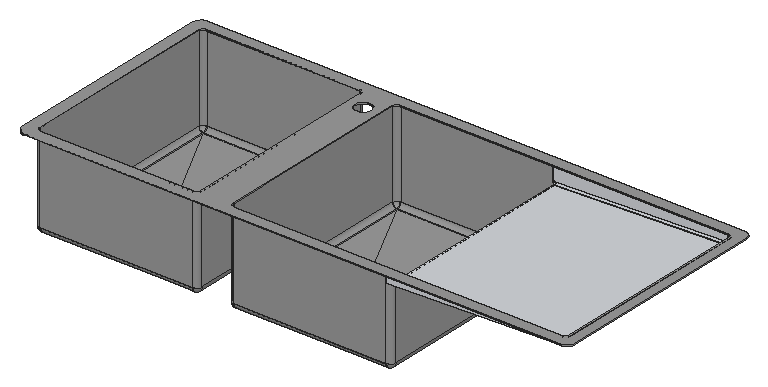
Revit family "SN22R Theo", category Plumbing Fixtures, Revit 2022
Family settings
  Round Connector Dimension = Use Diameter
  Part Type = Normal
  Work Plane-Based = Yes
  Always vertical = No
  Cut with Voids When Loaded = No
  Maintain Annotation Orientation = No
  Shared = No
  Room Calculation Point = No
Parameters (values of type "Theo 1200x500x205mm RHS")
  Width 2 = 350.0 mm
  Width 1 = 350.0 mm
  Undermount [instance] = 20.0 mm
  URL = "https://www.buildmat.com.au/products/1200x500-sink"
  Sound Pad 2 = yes
  Sound Pad 1 = yes
  Model = "SNA0022R"  # constant formula
  Manufacturer URL = "https://www.buildmat.com.au/"
  Manufacturer = "BUILDMAT"  # constant formula
  Length = 450.0 mm
  Gap = 70.0 mm
  Drainboard Length = 380.0 mm
  Drain Sound Pad 2 = yes
  Drain Sound Pad 1 = yes
  Description = "BUILDMAT - Theo 1200x500 Double Bowl with Tap Landing & RHS Drain Board Sink"  # constant formula
  Depth = 205.0 mm
  Default Elevation = 1200.0 mm
  D. S. Pad 2 = 175.0 mm
  D. S. Pad 1 = 200.0 mm
  D. Bracket 4 = 50.0 mm
  D. Bracket 3 = 50.0 mm
  D. Bracket 2 = 50.0 mm
  D. Bracket 1 = 100.0 mm
  Created By URL = "https://www.buildmat.com.au/"
  Created By = "BUILDMAT"  # constant formula
  Created = "29.06.2022"  # constant formula
  Bracket 4 = yes
  Bracket 3 = yes
  Bracket 2 = yes
  Bracket 1 = yes
  Material = BUILDMAT Stainless Steel
Reference planes
  plane 1 "Center (Front/Back)": y = 0
  plane 2: z = 0
  plane 3 "Center (Left/Right)": x = 0
  plane 4: x = -35
  plane 5: x = 35
  plane 6: x = -385
  plane 7: x = 385
  plane 8: y = -225
  plane 9: y = 225
  plane 10: x = -410
  plane 11: y = -250
  plane 12: y = 250
  plane 13: x = 210
  plane 14: x = -210
  plane 15: y = 215
  plane 16: y = -215
  plane 17: x = -375
  plane 18: x = -45
  plane 19: x = 45
  plane 20: x = 375
  plane 21: y = 226.5
  plane 22: y = -226.5
  plane 23: x = -386.5
  plane 24: x = -33.5
  plane 25: x = 33.5
  plane 26: x = 386.5
  plane 27: x = -267
  plane 28: x = -153
  plane 29: x = -165
  plane 30: x = -255
  plane 31: x = 153
  plane 32: x = 165
  plane 33: x = 255
  plane 34: x = 267
  plane 35 "Sound Pad 1": x = -185
  plane 36 "Sound Pad 2": x = 210
  plane 37 "Top Substrate": z = -20
  plane 38: z = -18.5
  plane 39 "Bottom Void": z = -225
  plane 40: z = -215
  plane 41: z = -205
  plane 42: z = -220
  plane 43: z = -221.481
  plane 44: z = -216.5
  plane 45 "Sound Pad": z = -125
  plane 46 "Bracket 1": x = -285
  plane 47 "Bracket 2": x = -85
  plane 48 "Bracket 3": x = 85
  plane 49 "Bracket 4": x = 335
  plane 50: y = 125
  plane 51: y = -125
  plane 52: x = -310
  plane 53: x = -110
  plane 54: x = 110
  plane 55: x = 310
  plane 56: z = -185
  plane 57: z = -165
  plane 58 "Drainboard": x = 765
  plane 59: x = 790
  plane 60: x = 766.5
  plane 61: x = 755
  plane 62: z = -35
  plane 63: z = -50
  plane 64: x = 665
Forms (mm)
  Extrusion 1, solid, material "BUILDMAT Stainless Steel" <- "Material"
    sketch origin (0, 0, -20) x (-1, 0, 0) y (0, -1, 0)
      loop
        arc (390, -250) -> (404.142, -244.142) -> (410, -230) r 20
        line (410, -230) -> (410, 230)
        arc (410, 230) -> (404.142, 244.142) -> (390, 250) r 20
        line (390, 250) -> (-770, 250)
        arc (-770, 250) -> (-784.142, 244.142) -> (-790, 230) r 20
        line (-790, 230) -> (-790, -230)
        arc (-790, -230) -> (-784.142, -244.142) -> (-770, -250) r 20
        line (-770, -250) -> (390, -250)
      loop
        arc (375, -225) -> (382.071, -222.071) -> (385, -215) r 10
        line (385, -215) -> (385, 215)
        arc (385, 215) -> (382.071, 222.071) -> (375, 225) r 10
        line (375, 225) -> (45, 225)
        arc (45, 225) -> (37.929, 222.071) -> (35, 215) r 10
        line (35, 215) -> (35, -215)
        arc (35, -215) -> (37.929, -222.071) -> (45, -225) r 10
        line (45, -225) -> (375, -225)
      loop
        line (-35, -215) -> (-35, 215)
        arc (-35, 215) -> (-37.929, 222.071) -> (-45, 225) r 10
        line (-45, 225) -> (-755, 225)
        arc (-755, 225) -> (-762.071, 222.071) -> (-765, 215) r 10
        line (-765, 215) -> (-765, -215)
        arc (-765, -215) -> (-762.071, -222.071) -> (-755, -225) r 10
        line (-755, -225) -> (-45, -225)
        arc (-45, -225) -> (-37.929, -222.071) -> (-35, -215) r 10
      loop
        circle (0, -180) r 17.5
    from 0 to 1.5
  Extrusion 2, solid, material "BUILDMAT Stainless Steel" <- "Material"
    sketch origin (0, 0, -20) x (-1, 0, 0) y (0, -1, 0)
      loop
        arc (375, -225) -> (382.071, -222.071) -> (385, -215) r 10
        line (385, -215) -> (385, 215)
        arc (385, 215) -> (382.071, 222.071) -> (375, 225) r 10
        line (375, 225) -> (45, 225)
        arc (45, 225) -> (37.929, 222.071) -> (35, 215) r 10
        line (35, 215) -> (35, -215)
        arc (35, -215) -> (37.929, -222.071) -> (45, -225) r 10
        line (45, -225) -> (375, -225)
      loop
        arc (375, -226.5) -> (383.132, -223.132) -> (386.5, -215) r 11.5
        line (386.5, -215) -> (386.5, 215)
        arc (386.5, 215) -> (383.132, 223.132) -> (375, 226.5) r 11.5
        line (375, 226.5) -> (45, 226.5)
        arc (45, 226.5) -> (36.868, 223.132) -> (33.5, 215) r 11.5
        line (33.5, 215) -> (33.5, -215)
        arc (33.5, -215) -> (36.868, -223.132) -> (45, -226.5) r 11.5
        line (45, -226.5) -> (375, -226.5)
    from 0 to -185
  Extrusion 3, solid, material "BUILDMAT Stainless Steel" <- "Material"
    sketch origin (0, 0, -20) x (-1, 0, 0) y (0, -1, 0)
      loop
        arc (-45, -225) -> (-37.929, -222.071) -> (-35, -215) r 10
        line (-35, -215) -> (-35, 215)
        arc (-35, 215) -> (-37.929, 222.071) -> (-45, 225) r 10
        line (-45, 225) -> (-375, 225)
        arc (-375, 225) -> (-382.071, 222.071) -> (-385, 215) r 10
        line (-385, 215) -> (-385, -215)
        arc (-385, -215) -> (-382.071, -222.071) -> (-375, -225) r 10
        line (-375, -225) -> (-45, -225)
      loop
        line (-33.5, -215) -> (-33.5, 215)
        arc (-33.5, 215) -> (-36.868, 223.132) -> (-45, 226.5) r 11.5
        line (-45, 226.5) -> (-375, 226.5)
        arc (-375, 226.5) -> (-383.132, 223.132) -> (-386.5, 215) r 11.5
        line (-386.5, 215) -> (-386.5, -215)
        arc (-386.5, -215) -> (-383.132, -223.132) -> (-375, -226.5) r 11.5
        line (-375, -226.5) -> (-45, -226.5)
        arc (-45, -226.5) -> (-36.868, -223.132) -> (-33.5, -215) r 11.5
    from 0 to -185
  Extrusion 4, solid, material "BUILDMAT Stainless Steel" <- "Material"
    sketch origin (0, 0, 0) x (1, 0, 0) y (0, 0, 1)
      loop
        line (-385, -205) -> (-386.5, -205)
        arc (-386.5, -205) -> (-383.132, -213.132) -> (-375, -216.5) r 11.5
        line (-375, -216.5) -> (-375, -215)
        arc (-375, -215) -> (-382.071, -212.071) -> (-385, -205) r 10
    from -215 to 215
  Extrusion 5, solid, material "BUILDMAT Stainless Steel" <- "Material"
    sketch origin (0, 0, 0) x (1, 0, 0) y (0, 0, 1)
      loop
        arc (-35, -205) -> (-37.929, -212.071) -> (-45, -215) r 10
        line (-45, -215) -> (-45, -216.5)
        arc (-45, -216.5) -> (-36.868, -213.132) -> (-33.5, -205) r 11.5
        line (-33.5, -205) -> (-35, -205)
    from -215 to 215
  Extrusion 6, solid, material "BUILDMAT Stainless Steel" <- "Material"
    sketch origin (0, 0, 0) x (1, 0, 0) y (0, 0, 1)
      loop
        line (35, -205) -> (33.5, -205)
        arc (33.5, -205) -> (36.868, -213.132) -> (45, -216.5) r 11.5
        line (45, -216.5) -> (45, -215)
        arc (45, -215) -> (37.929, -212.071) -> (35, -205) r 10
    from -215 to 215
  Extrusion 7, solid, material "BUILDMAT Stainless Steel" <- "Material"
    sketch origin (0, 0, 0) x (1, 0, 0) y (0, 0, 1)
      loop
        arc (385, -205) -> (382.071, -212.071) -> (375, -215) r 10
        line (375, -215) -> (375, -216.5)
        arc (375, -216.5) -> (383.132, -213.132) -> (386.5, -205) r 11.5
        line (386.5, -205) -> (385, -205)
    from -215 to 215
  Extrusion 8, solid, material "BUILDMAT Stainless Steel" <- "Material"
    sketch origin (0, 0, 0) x (0, 1, 0) y (0, 0, 1)
      loop
        line (226.5, -205) -> (225, -205)
        arc (225, -205) -> (222.071, -212.071) -> (215, -215) r 10
        line (215, -215) -> (215, -216.5)
        arc (215, -216.5) -> (223.132, -213.132) -> (226.5, -205) r 11.5
    from 45 to 375
  Extrusion 9, solid, material "BUILDMAT Stainless Steel" <- "Material"
    sketch origin (0, 0, 0) x (0, 1, 0) y (0, 0, 1)
      loop
        line (-225, -205) -> (-226.5, -205)
        arc (-226.5, -205) -> (-223.132, -213.132) -> (-215, -216.5) r 11.5
        line (-215, -216.5) -> (-215, -215)
        arc (-215, -215) -> (-222.071, -212.071) -> (-225, -205) r 10
    from 45 to 375
  Extrusion 10, solid, material "BUILDMAT Stainless Steel" <- "Material"
    sketch origin (0, 0, 0) x (0, 1, 0) y (0, 0, 1)
      loop
        arc (225, -205) -> (222.071, -212.071) -> (215, -215) r 10
        line (215, -215) -> (215, -216.5)
        arc (215, -216.5) -> (223.132, -213.132) -> (226.5, -205) r 11.5
        line (226.5, -205) -> (225, -205)
    from -375 to -45
  Extrusion 11, solid, material "BUILDMAT Stainless Steel" <- "Material"
    sketch origin (0, 0, 0) x (0, 1, 0) y (0, 0, 1)
      loop
        line (-225, -205) -> (-226.5, -205)
        arc (-226.5, -205) -> (-223.132, -213.132) -> (-215, -216.5) r 11.5
        line (-215, -216.5) -> (-215, -215)
        arc (-215, -215) -> (-222.071, -212.071) -> (-225, -205) r 10
    from -375 to -45
  Revolve 12, solid, material "BUILDMAT Stainless Steel" <- "Material"
    sketch origin (-423.435, 215, 4000) x (-1, 0, 0) y (0, 0, 1)
      loop
        arc (-38.435, -4205) -> (-41.364, -4212.071) -> (-48.435, -4215) r 10
        line (-48.435, -4215) -> (-48.435, -4216.5)
        arc (-48.435, -4216.5) -> (-40.304, -4213.132) -> (-36.935, -4205) r 11.5
        line (-36.935, -4205) -> (-38.435, -4205)
      axis (-48.435, -4205) -> (-48.435, -4216.5)
    angle from -90 to 0
  Revolve 13, solid, material "BUILDMAT Stainless Steel" <- "Material"
    sketch origin (-423.435, 215, 4000) x (-1, 0, 0) y (0, 0, 1)
      loop
        line (-388.435, -4205) -> (-389.935, -4205)
        arc (-389.935, -4205) -> (-386.567, -4213.132) -> (-378.435, -4216.5) r 11.5
        line (-378.435, -4216.5) -> (-378.435, -4215)
        arc (-378.435, -4215) -> (-385.506, -4212.071) -> (-388.435, -4205) r 10
      axis (-378.435, -4205) -> (-378.435, -4216.5)
    angle from -90 to 0
  Revolve 14, solid, material "BUILDMAT Stainless Steel" <- "Material"
    sketch origin (-423.435, 215, 4000) x (-1, 0, 0) y (0, 0, 1)
      loop
        arc (-458.435, -4205) -> (-461.364, -4212.071) -> (-468.435, -4215) r 10
        line (-468.435, -4215) -> (-468.435, -4216.5)
        arc (-468.435, -4216.5) -> (-460.304, -4213.132) -> (-456.935, -4205) r 11.5
        line (-456.935, -4205) -> (-458.435, -4205)
      axis (-468.435, -4205) -> (-468.435, -4216.5)
    angle from -90 to 0
  Revolve 15, solid, material "BUILDMAT Stainless Steel" <- "Material"
    sketch origin (-423.435, 215, 4000) x (-1, 0, 0) y (0, 0, 1)
      loop
        line (-808.435, -4205) -> (-809.935, -4205)
        arc (-809.935, -4205) -> (-806.567, -4213.132) -> (-798.435, -4216.5) r 11.5
        line (-798.435, -4216.5) -> (-798.435, -4215)
        arc (-798.435, -4215) -> (-805.506, -4212.071) -> (-808.435, -4205) r 10
      axis (-798.435, -4205) -> (-798.435, -4216.5)
    angle from -90 to 0
  Revolve 16, solid, material "BUILDMAT Stainless Steel" <- "Material"
    sketch origin (-423.435, -215, 4000) x (-1, 0, 0) y (0, 0, 1)
      loop
        arc (-38.435, -4205) -> (-41.364, -4212.071) -> (-48.435, -4215) r 10
        line (-48.435, -4215) -> (-48.435, -4216.5)
        arc (-48.435, -4216.5) -> (-40.304, -4213.132) -> (-36.935, -4205) r 11.5
        line (-36.935, -4205) -> (-38.435, -4205)
      axis (-48.435, -4205) -> (-48.435, -4216.5)
    angle from 0 to 90
  Revolve 17, solid, material "BUILDMAT Stainless Steel" <- "Material"
    sketch origin (-423.435, -215, 4000) x (-1, 0, 0) y (0, 0, 1)
      loop
        arc (-389.935, -4205) -> (-386.567, -4213.132) -> (-378.435, -4216.5) r 11.5
        line (-378.435, -4216.5) -> (-378.435, -4215)
        arc (-378.435, -4215) -> (-385.506, -4212.071) -> (-388.435, -4205) r 10
        line (-388.435, -4205) -> (-389.935, -4205)
      axis (-378.435, -4205) -> (-378.435, -4216.5)
    angle from 0 to 90
  Revolve 18, solid, material "BUILDMAT Stainless Steel" <- "Material"
    sketch origin (-423.435, -215, 4000) x (-1, 0, 0) y (0, 0, 1)
      loop
        line (-456.935, -4205) -> (-458.435, -4205)
        arc (-458.435, -4205) -> (-461.364, -4212.071) -> (-468.435, -4215) r 10
        line (-468.435, -4215) -> (-468.435, -4216.5)
        arc (-468.435, -4216.5) -> (-460.304, -4213.132) -> (-456.935, -4205) r 11.5
      axis (-468.435, -4205) -> (-468.435, -4216.5)
    angle from 0 to 90
  Revolve 19, solid, material "BUILDMAT Stainless Steel" <- "Material"
    sketch origin (-423.435, -215, 4000) x (-1, 0, 0) y (0, 0, 1)
      loop
        arc (-809.935, -4205) -> (-806.567, -4213.132) -> (-798.435, -4216.5) r 11.5
        line (-798.435, -4216.5) -> (-798.435, -4215)
        arc (-798.435, -4215) -> (-805.506, -4212.071) -> (-808.435, -4205) r 10
        line (-808.435, -4205) -> (-809.935, -4205)
      axis (-798.435, -4205) -> (-798.435, -4216.5)
    angle from 0 to 90
  Extrusion 20, solid, material "BUILDMAT Stainless Steel" <- "Material"
    sketch origin (0, 0, -20) x (-1, 0, 0) y (0, -1, 0)
      loop
        line (45, -215) -> (375, -215) -> (375, 215) -> (45, 215) -> (45, -215)
    from -196.5 to -195
  Extrusion 21, solid, material "BUILDMAT Stainless Steel" <- "Material"
    sketch origin (0, 0, -20) x (-1, 0, 0) y (0, -1, 0)
      loop
        line (-45, -215) -> (-45, 215) -> (-375, 215) -> (-375, -215) -> (-45, -215)
    from -196.5 to -195
  Blend 22, solid, material "BUILDMAT Stainless Steel" <- "Material"
    base sketch origin (0, 0, -20) x (-1, 0, 0) y (0, -1, 0)
      loop
        circle (210, 0) r 57
    top sketch origin (0, 0, -20) x (-1, 0, 0) y (0, -1, 0)
      loop
        line (375, -215) -> (375, 215) -> (45, 215) -> (45, -215) -> (375, -215)
    from -201.481 to -196.5
  Blend 23, solid, material "BUILDMAT Stainless Steel" <- "Material"
    base sketch origin (0, 0, -20) x (-1, 0, 0) y (0, -1, 0)
      loop
        circle (-210, 0) r 57
    top sketch origin (0, 0, -20) x (-1, 0, 0) y (0, -1, 0)
      loop
        line (-45, -215) -> (-45, 215) -> (-375, 215) -> (-375, -215) -> (-45, -215)
    from -201.481 to -196.5
  Blend 24, void
    base sketch origin (0, 0, -20) x (-1, 0, 0) y (0, -1, 0)
      loop
        circle (210, 0) r 57
    top sketch origin (0, 0, -20) x (-1, 0, 0) y (0, -1, 0)
      loop
        line (375, -215) -> (375, 215) -> (45, 215) -> (45, -215) -> (375, -215)
    from -200 to -195
  Blend 25, void
    base sketch origin (0, 0, -20) x (-1, 0, 0) y (0, -1, 0)
      loop
        circle (-210, 0) r 57
    top sketch origin (0, 0, -20) x (-1, 0, 0) y (0, -1, 0)
      loop
        line (-45, -215) -> (-45, 215) -> (-375, 215) -> (-375, -215) -> (-45, -215)
    from -200 to -195
  Extrusion 26, void
    sketch origin (0, 0, -225) x (-1, 0, 0) y (0, -1, 0)
      loop
        circle (210, 0) r 57
    from 0 to 5
  Extrusion 27, void
    sketch origin (0, 0, -225) x (-1, 0, 0) y (0, -1, 0)
      loop
        circle (-210, 0) r 57
    from 0 to 5
  Revolve 28, solid, material "BUILDMAT Stainless Steel" <- "Material"
    sketch origin (0, 0, 0) x (1, 0, 0) y (0, 0, 1)
      loop
        spline (-267, -220) -> (-266.897, -220.653) -> (-266.591, -221.294) -> (-266.087, -221.913) -> (-265.392, -222.5) -> (-264.52, -223.044) -> (-263.485, -223.536) -> (-262.305, -223.967) -> (-261, -224.33) -> (-259.592, -224.619) -> (-258.106, -224.83) -> (-256.566, -224.957) -> (-255, -225)
        line (-255, -225) -> (-255, -223.5)
        spline (-255, -223.5) -> (-256.371, -223.47) -> (-257.718, -223.381) -> (-259.018, -223.234) -> (-260.25, -223.031) -> (-261.392, -222.777) -> (-262.425, -222.475) -> (-263.33, -222.131) -> (-264.093, -221.75) -> (-264.701, -221.339) -> (-265.142, -220.906) -> (-265.41, -220.457) -> (-265.5, -220)
        line (-265.5, -220) -> (-267, -220)
      axis (-210, -225) -> (-210, -220)
    angle from 0 to 360
  Revolve 29, solid, material "BUILDMAT Stainless Steel" <- "Material"
    sketch origin (0, 0, 0) x (1, 0, 0) y (0, 0, 1)
      loop
        line (267, -220) -> (265.5, -220)
        spline (265.5, -220) -> (265.41, -220.457) -> (265.142, -220.906) -> (264.701, -221.339) -> (264.093, -221.75) -> (263.33, -222.131) -> (262.425, -222.475) -> (261.392, -222.777) -> (260.25, -223.031) -> (259.018, -223.234) -> (257.718, -223.381) -> (256.371, -223.47) -> (255, -223.5)
        line (255, -223.5) -> (255, -225)
        spline (255, -225) -> (256.566, -224.957) -> (258.106, -224.83) -> (259.592, -224.619) -> (261, -224.33) -> (262.305, -223.967) -> (263.485, -223.536) -> (264.52, -223.044) -> (265.392, -222.5) -> (266.087, -221.913) -> (266.591, -221.294) -> (266.897, -220.653) -> (267, -220)
      axis (210, -220) -> (210, -225)
    angle from 0 to 360
  Extrusion 30, solid
    sketch origin (0, 0, 0) x (1, 0, 0) y (0, 0, 1)
      loop
        line (375, -50) -> (766.5, -35) -> (766.5, -20) -> (765, -20) -> (765, -33.561) -> (375, -48.499) -> (375, -50)
    from -215 to 215
  Revolve 31, solid
    sketch origin (-423.435, 215, 4000) x (-1, 0, 0) y (0, 0, 1)
      loop
        line (-1189.935, -4035) -> (-1178.435, -4035.441) -> (-1178.435, -4033.944) -> (-1188.435, -4033.561) -> (-1188.435, -4020) -> (-1189.935, -4020) -> (-1189.935, -4035)
      axis (-1178.435, -4035.441) -> (-1178.435, -4020)
    angle from -90 to 0
  Revolve 32, solid
    sketch origin (-423.435, -215, 4000) x (-1, 0, 0) y (0, 0, 1)
      loop
        line (-1189.935, -4035) -> (-1178.435, -4035.441) -> (-1178.435, -4033.944) -> (-1188.435, -4033.561) -> (-1188.435, -4020) -> (-1189.935, -4020) -> (-1189.935, -4035)
      axis (-1178.435, -4035.441) -> (-1178.435, -4020)
    angle from 0 to 90
  SweptBlend 33, solid
    path origin (0, 0, -20) x (-1, 0, 0) y (0, -1, 0)
      loop
        line (-375, -225) -> (-755, -225)
    profile origin (375, 225, -20) x (0, 1, 0) y (0, 0, 1)
      loop
        line (0, -28.084) -> (-10, -28.499) -> (-10, -30) -> (1.5, -29.523) -> (1.5, 0) -> (0, 0) -> (0, -28.084)
    end profile origin (755, 225, -20) x (0, 1, 0) y (0, 0, 1)
      loop
        line (0, -13.561) -> (-10, -13.976) -> (-10, -15.477) -> (1.5, -15) -> (1.5, 0) -> (0, 0) -> (0, -13.561)
  Extrusion 34, void
    sketch origin (0, 0, -20) x (-1, 0, 0) y (0, -1, 0)
      loop
        arc (-385, -215) -> (-382.071, -222.071) -> (-375, -225) r 10
        line (-375, -225) -> (-375, 225)
        arc (-375, 225) -> (-382.071, 222.071) -> (-385, 215) r 10
        line (-385, 215) -> (-385, -215)
    from -30 to 0
  SweptBlend 35, solid
    path origin (0, 0, -20) x (-1, 0, 0) y (0, -1, 0)
      loop
        line (-375, 215) -> (-755, 215)
    profile origin (375, -215, -20) x (0, 1, 0) y (0, 0, 1)
      loop
        line (-11.5, -29.523) -> (0, -30) -> (0, -28.499) -> (-10, -28.084) -> (-10, 0) -> (-11.5, 0) -> (-11.5, -29.523)
    end profile origin (755, -215, -20) x (0, 1, 0) y (0, 0, 1)
      loop
        line (0, -15.477) -> (0, -13.976) -> (-10, -13.561) -> (-10, 0) -> (-11.5, 0) -> (-11.5, -15) -> (0, -15.477)
  SweptBlend 36, void
    path origin (0, 0, -20) x (-1, 0, 0) y (0, -1, 0)
      loop
        line (-375, 0) -> (-755, 0)
    profile origin (375, 0, -20) x (0, 1, 0) y (0, 0, 1)
      loop
        line (-215, -30) -> (215, -30) -> (226.5, -29.523) -> (226.5, 0) -> (-226.5, 0) -> (-226.5, -29.523) -> (-215, -30)
    end profile origin (755, 0, -20) x (0, 1, 0) y (0, 0, 1)
      loop
        line (226.5, 0) -> (-226.5, 0) -> (-226.5, -15) -> (226.5, -15) -> (226.5, 0)
Cuts and joins
  Blend 24, Extrusion 26 cuts Extrusion 20
  Blend 24, Extrusion 26 cuts Blend 22
  joined: Extrusion 20, Blend 22
  Blend 25, Extrusion 27 cuts Extrusion 21
  Blend 25, Extrusion 27 cuts Blend 23
  joined: Extrusion 21, Blend 23
  Extrusion 34 cuts Extrusion 30
  Extrusion 34 cuts SweptBlend 33
  Extrusion 34 cuts SweptBlend 35
  SweptBlend 36 cuts Extrusion 1
  SweptBlend 36 cuts Extrusion 3
  SweptBlend 36 cuts Revolve 31
  SweptBlend 36 cuts Revolve 32
Lines and regions (mm)
  Masking region 1
    outline origin (0, 0, 0) x (1, 0, 0) y (0, 0, 1)
      loop
        line (-385, -20) -> (-385, -205)
        arc (-385, -205) -> (-382.071, -212.071) -> (-375, -215) r 10
        line (-375, -215) -> (-267, -220) -> (-153, -220) -> (-45, -215)
        arc (-45, -215) -> (-37.929, -212.071) -> (-35, -205) r 10
        line (-35, -205) -> (-35, -20) -> (-385, -20)
  Masking region 2
    outline origin (0, 0, 0) x (1, 0, 0) y (0, 0, 1)
      loop
        line (35, -20) -> (35, -205)
        arc (35, -205) -> (37.609, -211.736) -> (44.076, -214.957) r 10
        line (44.076, -214.957) -> (153, -220) -> (267, -220) -> (375, -215)
        arc (375, -215) -> (382.071, -212.071) -> (385, -205) r 10
        line (385, -205) -> (385, -20) -> (35, -20)
  Masking region 3, visible <- "Drain Sound Pad 1"
    outline origin (0, 0, 0) x (1, 0, 0) y (0, 0, 1)
      loop
        line (-267, -221.481) -> (-310, -219.498) -> (-310, -225) -> (-267, -225) -> (-267, -221.481)
  Masking region 4, visible <- "Drain Sound Pad 1"
    outline origin (0, 0, 0) x (1, 0, 0) y (0, 0, 1)
      loop
        line (-153, -221.481) -> (-153, -225) -> (-110, -225) -> (-110, -219.498) -> (-153, -221.481)
  Masking region 5, visible <- "Drain Sound Pad 2"
    outline origin (0, 0, 0) x (1, 0, 0) y (0, 0, 1)
      loop
        line (110, -219.498) -> (110, -225) -> (153, -225) -> (153, -221.481) -> (110, -219.498)
  Masking region 6, visible <- "Drain Sound Pad 2"
    outline origin (0, 0, 0) x (1, 0, 0) y (0, 0, 1)
      loop
        line (310, -219.498) -> (267, -221.481) -> (267, -225) -> (310, -225) -> (310, -219.498)
  Masking region 7
    outline origin (0, 0, 0) x (1, 0, 0) y (0, 0, 1)
      loop
        line (-33.5, -165) -> (-33.5, -185) -> (33.5, -185) -> (33.5, -165) -> (-33.5, -165)
  Masking region 8
    outline origin (-423.435, -215, 4000) x (-1, 0, 0) y (0, 0, 1)
      loop
        line (-1200.935, -4020) -> (-1202.435, -4020) -> (-1202.435, -4035) -> (-1200.935, -4035) -> (-1200.935, -4020)
  Masking region 9
    outline origin (-423.435, -215, 4000) x (-1, 0, 0) y (0, 0, 1)
      loop
        line (-809.935, -4097.929) -> (-809.935, -4055.503) -> (-816.174, -4049.264) -> (-860.437, -4047.427) -> (-809.935, -4097.929)
  Masking region 10
    outline origin (0, 0, -20) x (-1, 0, 0) y (0, -1, 0)
      loop
        arc (-375, -225) -> (-382.071, -222.071) -> (-385, -215) r 10
        line (-385, -215) -> (-385, 215)
        arc (-385, 215) -> (-382.071, 222.071) -> (-375, 225) r 10
        line (-375, 225) -> (-755, 225)
        arc (-755, 225) -> (-762.071, 222.071) -> (-765, 215) r 10
        line (-765, 215) -> (-765, -215)
        arc (-765, -215) -> (-762.071, -222.071) -> (-755, -225) r 10
        line (-755, -225) -> (-375, -225)
Text (mm)
  text "Refer to www.buildmat.com.au for the most current product literature. \nAllow a +/- 5mm tolerance for dimensions shown in the product literature. \nPlease note product details are subject to change due to ongoing product development." at (0.056, -1035.857, 0), in view "Ref. Level"
Dimensions and locks
  equal spacing: plane 4, plane 3 "Center (Left/Right)", plane 5
  "Gap": plane 4 to plane 5
  "Width 1": plane 6 to plane 4
  "Width 2": plane 5 to plane 7
  equal spacing: plane 9, plane 1 "Center (Front/Back)", plane 8
  "Length": plane 8 to plane 9
  locked: plane 10 to plane 6 at 25
  locked: plane 12 to plane 9 at 25
  locked: plane 8 to plane 11 at 25
  equal spacing: plane 5, plane 13, plane 7
  equal spacing: plane 6, plane 14, plane 4
  locked: plane 9 to plane 15 at 10
  locked: plane 16 to plane 8 at 10
  locked: plane 6 to plane 17 at 10
  locked: plane 18 to plane 4 at 10
  locked: plane 5 to plane 19 at 10
  locked: plane 20 to plane 7 at 10
  locked: plane 8 to plane 22 at 1.5
  locked: plane 21 to plane 9 at 1.5
  locked: plane 23 to plane 6 at 1.5
  locked: plane 4 to plane 24 at 1.5
  locked: plane 25 to plane 5 at 1.5
  locked: plane 7 to plane 26 at 1.5
  plane 27 to plane 14 to plane 28 = 57.0 mm locked, 57.0 mm locked
  plane 30 to plane 14 to plane 29 = 45.0 mm locked, 45.0 mm locked
  plane 31 to plane 13 to plane 34 = 57.0 mm locked, 57.0 mm locked
  plane 32 to plane 13 to plane 33 = 45.0 mm locked, 45.0 mm locked
  locked: plane 38 to plane 37 "Top Substrate" at 1.5
  plane 41 to plane 40 to plane 39 "Bottom Void" = 10.0 mm locked, 10.0 mm locked
  locked: plane 42 to plane 39 "Bottom Void" at 5
  locked: plane 42 to plane 43 at 1.481
  locked: plane 40 to plane 44 at 1.5
  locked: plane 45 "Sound Pad" to plane 39 "Bottom Void" at 100
  "Depth": plane 37 "Top Substrate" to plane 39 "Bottom Void"
  "Undermount": plane 2 to plane 37 "Top Substrate"
  "D. S. Pad 1": plane 35 "Sound Pad 1" to plane 6
  "D. S. Pad 2": plane 7 to plane 36 "Sound Pad 2"
  "D. Bracket 1": plane 46 "Bracket 1" to plane 6
  "D. Bracket 2": plane 4 to plane 47 "Bracket 2"
  "D. Bracket 3": plane 48 "Bracket 3" to plane 5
  "D. Bracket 4": plane 7 to plane 49 "Bracket 4"
  locked: plane 9 to plane 50 at 100
  locked: plane 51 to plane 8 at 100
  plane 53 to plane 14 to plane 52 = 100.0 mm locked, 100.0 mm locked
  plane 55 to plane 13 to plane 54 = 100.0 mm locked, 100.0 mm locked
  plane 57 to plane 56 to plane 41 = 20.0 mm locked, 20.0 mm locked
  "Drainboard Length": plane 7 to plane 58 "Drainboard"
  locked: plane 58 "Drainboard" to plane 59 at 25
  locked: plane 58 "Drainboard" to plane 60 at 1.5
  locked: plane 61 to plane 58 "Drainboard" at 10
  plane 37 "Top Substrate" to plane 62 to plane 63 = 15.0 mm locked, 15.0 mm locked
  locked: plane 64 to plane 58 "Drainboard" at 100
  aligned and locked: Extrusion 1 sketch curve to plane 12
  aligned and locked: Extrusion 1 sketch curve to plane 10
  aligned and locked: Extrusion 1 sketch curve to plane 11
  aligned and locked: Extrusion 1 sketch curve to plane 9  (x2)
  aligned and locked: Extrusion 1 sketch curve to plane 6
  aligned and locked: Extrusion 1 sketch curve to plane 8  (x2)
  aligned and locked: Extrusion 1 sketch curve to plane 4
  aligned and locked: Extrusion 1 sketch curve to plane 5
  aligned and locked: Extrusion 1 to plane 37 "Top Substrate"
  aligned and locked: Extrusion 1 to plane 38
  aligned and locked: Extrusion 2 sketch curve to plane 9
  aligned and locked: Extrusion 2 sketch curve to plane 21
  aligned and locked: Extrusion 2 sketch curve to plane 6
  aligned and locked: Extrusion 2 sketch curve to plane 23
  aligned and locked: Extrusion 2 sketch curve to plane 24
  aligned and locked: Extrusion 2 sketch curve to plane 4
  aligned and locked: Extrusion 2 sketch curve to plane 22
  aligned and locked: Extrusion 2 sketch curve to plane 8
  aligned and locked: Extrusion 2 to plane 41
  aligned and locked: plane 37 "Top Substrate" to Extrusion 2
  aligned and locked: Extrusion 3 sketch curve to plane 9
  aligned and locked: Extrusion 3 sketch curve to plane 7
  aligned and locked: Extrusion 3 sketch curve to plane 8
  aligned and locked: Extrusion 3 sketch curve to plane 5
  aligned and locked: Extrusion 3 sketch curve to plane 25
  aligned and locked: Extrusion 3 sketch curve to plane 26
  aligned and locked: Extrusion 3 sketch curve to plane 21
  aligned and locked: Extrusion 3 sketch curve to plane 22
  aligned and locked: Extrusion 3 to plane 41
  aligned and locked: plane 37 "Top Substrate" to Extrusion 3
  aligned and locked: Extrusion 4 sketch curve to plane 41
  aligned and locked: Extrusion 4 sketch curve to plane 17
  aligned and locked: Extrusion 5 sketch curve to plane 41
  aligned and locked: Extrusion 5 sketch curve to plane 18
  aligned and locked: Extrusion 6 sketch curve to plane 41
  aligned and locked: Extrusion 6 sketch curve to plane 19
  aligned and locked: Extrusion 7 sketch curve to plane 20
  aligned and locked: plane 41 to Extrusion 7 sketch curve
  aligned and locked: plane 15 to Extrusion 7
  aligned and locked: plane 15 to Extrusion 6
  aligned and locked: plane 15 to Extrusion 5
  aligned and locked: plane 15 to Extrusion 4
  aligned and locked: Extrusion 7 to plane 16
  aligned and locked: Extrusion 6 to plane 16
  aligned and locked: Extrusion 5 to plane 16
  aligned and locked: Extrusion 4 to plane 16
  aligned and locked: plane 41 to Extrusion 8 sketch curve
  aligned and locked: plane 15 to Extrusion 8 sketch curve
  aligned and locked: plane 16 to Extrusion 9 sketch curve
  aligned and locked: plane 41 to Extrusion 9 sketch curve
  aligned and locked: plane 20 to Extrusion 8
  aligned and locked: plane 20 to Extrusion 9
  aligned and locked: Extrusion 8 to plane 19
  aligned and locked: Extrusion 9 to plane 19
  aligned and locked: plane 15 to Extrusion 10 sketch curve
  aligned and locked: plane 41 to Extrusion 10 sketch curve
  aligned and locked: plane 16 to Extrusion 11 sketch curve
  aligned and locked: plane 41 to Extrusion 11 sketch curve
  aligned and locked: Extrusion 11 to plane 17
  aligned and locked: plane 18 to Extrusion 11
  aligned and locked: Extrusion 10 to plane 17
  aligned and locked: plane 18 to Extrusion 10
  aligned and locked: Revolve 12 sketch curve to plane 17
  aligned and locked: plane 41 to Revolve 12 sketch curve
  aligned and locked: plane 17 to Revolve 12 sketch curve
  aligned and locked: plane 17 to Revolve 12
  aligned and locked: plane 15 to Revolve 12
  aligned and locked: Revolve 13 sketch curve to plane 18
  aligned and locked: plane 18 to Revolve 13 sketch curve
  aligned and locked: plane 41 to Revolve 13 sketch curve
  aligned and locked: Revolve 13 to plane 18
  aligned and locked: plane 15 to Revolve 13
  aligned and locked: Revolve 14 sketch curve to plane 19
  aligned and locked: plane 41 to Revolve 14 sketch curve
  aligned and locked: plane 19 to Revolve 14 sketch curve
  aligned and locked: plane 19 to Revolve 14
  aligned and locked: plane 15 to Revolve 14
  aligned and locked: Revolve 15 sketch curve to plane 20
  aligned and locked: plane 20 to Revolve 15 sketch curve
  aligned and locked: plane 41 to Revolve 15 sketch curve
  aligned and locked: Revolve 15 to plane 20
  aligned and locked: plane 15 to Revolve 15
  aligned and locked: Revolve 16 sketch curve to plane 17
  aligned and locked: plane 41 to Revolve 16 sketch curve
  aligned and locked: plane 17 to Revolve 16 sketch curve
  aligned and locked: Revolve 16 to plane 17
  aligned and locked: plane 16 to Revolve 16
  aligned and locked: Revolve 17 sketch curve to plane 18
  aligned and locked: plane 41 to Revolve 17 sketch curve
  aligned and locked: plane 18 to Revolve 17 sketch curve
  aligned and locked: plane 18 to Revolve 17
  aligned and locked: plane 16 to Revolve 17
  aligned and locked: Revolve 18 sketch curve to plane 19
  aligned and locked: plane 41 to Revolve 18 sketch curve
  aligned and locked: plane 19 to Revolve 18 sketch curve
  aligned and locked: Revolve 18 to plane 19
  aligned and locked: plane 16 to Revolve 18
  aligned and locked: Revolve 19 sketch curve to plane 20
  aligned and locked: plane 41 to Revolve 19 sketch curve
  aligned and locked: plane 20 to Revolve 19 sketch curve
  aligned and locked: plane 16 to Revolve 19
  aligned and locked: plane 20 to Revolve 19
  aligned and locked: Extrusion 20 sketch curve to plane 18
  aligned and locked: Extrusion 20 sketch curve to plane 17
  aligned and locked: Extrusion 20 sketch curve to plane 15
  aligned and locked: Extrusion 20 sketch curve to plane 16
  aligned and locked: Extrusion 20 to plane 44
  aligned and locked: plane 40 to Extrusion 20
  aligned and locked: Extrusion 21 sketch curve to plane 15
  aligned and locked: Extrusion 21 sketch curve to plane 16
  aligned and locked: Extrusion 21 sketch curve to plane 20
  aligned and locked: Extrusion 21 sketch curve to plane 19
  aligned and locked: Extrusion 21 to plane 44
  aligned and locked: Extrusion 21 to plane 40
  aligned and locked: plane 43 to Blend 22
  aligned and locked: plane 44 to Blend 22
  aligned and locked: plane 43 to Blend 23
  aligned and locked: Blend 23 to plane 44
  aligned and locked: Blend 22 sketch curve to plane 15
  aligned and locked: Blend 22 sketch curve to plane 16
  aligned and locked: Blend 22 sketch curve to plane 17
  aligned and locked: Blend 22 sketch curve to plane 18
  aligned and locked: Blend 23 sketch curve to plane 15
  aligned and locked: Blend 23 sketch curve to plane 16
  aligned and locked: Blend 23 sketch curve to plane 20
  aligned and locked: Blend 23 sketch curve to plane 19
  aligned and locked: Blend 24 sketch curve to plane 15
  aligned and locked: Blend 24 sketch curve to plane 16
  aligned and locked: Blend 24 sketch curve to plane 17
  aligned and locked: Blend 24 sketch curve to plane 18
  aligned and locked: Blend 24 to plane 42
  aligned and locked: plane 40 to Blend 24
  aligned and locked: Blend 25 sketch curve to plane 15
  aligned and locked: Blend 25 sketch curve to plane 16
  aligned and locked: Blend 25 sketch curve to plane 20
  aligned and locked: Blend 25 sketch curve to plane 19
  aligned and locked: Blend 25 to plane 42
  aligned and locked: Blend 25 to plane 40
  aligned and locked: Extrusion 26 to plane 39 "Bottom Void"
  aligned and locked: plane 42 to Extrusion 26
  aligned and locked: Extrusion 27 to plane 39 "Bottom Void"
  aligned and locked: plane 42 to Extrusion 27
  aligned and locked: plane 14 to Revolve 28 sketch curve
  aligned and locked: Revolve 28 sketch curve to plane 42
  aligned and locked: plane 30 to Revolve 28 sketch curve
  aligned and locked: Revolve 29 sketch curve to plane 13
  aligned and locked: plane 33 to Revolve 29 sketch curve
  aligned and locked: plane 42 to Revolve 29 sketch curve
  aligned and locked: plane 17 to nested 1
  aligned and locked: plane 18 to nested 1
  aligned and locked: plane 16 to nested 1
  aligned and locked: plane 15 to nested 1
  aligned and locked: plane 19 to nested 2
  aligned and locked: plane 20 to nested 2
  aligned and locked: plane 16 to nested 2
  aligned and locked: plane 13 to nested 4
  aligned and locked: plane 14 to nested 3
  aligned and locked: plane 1 "Center (Front/Back)" to nested 3
  aligned and locked: plane 1 "Center (Front/Back)" to nested 4
  aligned and locked: plane 50 to nested 5
  aligned and locked: plane 23 to nested 5
  aligned and locked: plane 51 to nested 6
  aligned and locked: plane 23 to nested 6
  aligned and locked: nested 11 to plane 46 "Bracket 1"
  aligned and locked: nested 12 to plane 47 "Bracket 2"
  aligned and locked: plane 22 to nested 11
  aligned and locked: plane 22 to nested 12
  aligned and locked: nested 13 to plane 48 "Bracket 3"
  aligned and locked: plane 22 to nested 13
  aligned and locked: nested 14 to plane 49 "Bracket 4"
  aligned and locked: plane 22 to nested 14
  aligned and locked: plane 46 "Bracket 1" to nested 7
  aligned and locked: nested 7 to plane 21
  aligned and locked: plane 47 "Bracket 2" to nested 8
  aligned and locked: nested 8 to plane 21
  aligned and locked: plane 48 "Bracket 3" to nested 9
  aligned and locked: plane 49 "Bracket 4" to nested 10
  aligned and locked: nested 10 to plane 21
  aligned and locked: nested 9 to plane 21
  aligned and locked: Masking region 1 sketch curve to plane 37 "Top Substrate"
  aligned and locked: Masking region 1 sketch curve to plane 6
  aligned and locked: Masking region 1 sketch curve to plane 4
  aligned and locked: Masking region 1 sketch curve to Extrusion 4
  aligned and locked: Masking region 1 sketch curve to Extrusion 5
  aligned and locked: Masking region 1 sketch curve to plane 42
  aligned and locked: Masking region 1 sketch curve to cut or joined group of Extrusion 20, Blend 22, Blend 24, Extrusion 26  (x2)
  aligned and locked: Masking region 2 sketch curve to plane 37 "Top Substrate"
  aligned and locked: Masking region 2 sketch curve to plane 42
  aligned and locked: Masking region 2 sketch curve to plane 7
  aligned and locked: Masking region 2 sketch curve to plane 5
  aligned and locked: Masking region 2 sketch curve to Extrusion 6
  aligned and locked: Masking region 2 sketch curve to cut or joined group of Extrusion 21, Blend 23, Blend 25, Extrusion 27  (x2)
  aligned and locked: Masking region 2 sketch curve to Extrusion 7
  aligned and locked: nested 15 to plane 37 "Top Substrate"
  aligned and locked: plane 46 "Bracket 1" to nested 15
  aligned and locked: nested 16 to plane 37 "Top Substrate"
  aligned and locked: plane 47 "Bracket 2" to nested 16
  aligned and locked: nested 18 to plane 37 "Top Substrate"
  aligned and locked: plane 49 "Bracket 4" to nested 18
  aligned and locked: nested 17 to plane 37 "Top Substrate"
  aligned and locked: plane 48 "Bracket 3" to nested 17
  aligned and locked: nested 19 to plane 45 "Sound Pad"
  aligned and locked: plane 35 "Sound Pad 1" to nested 19
  aligned and locked: nested 20 to plane 45 "Sound Pad"
  aligned and locked: plane 36 "Sound Pad 2" to nested 20
  aligned and locked: Masking region 3 sketch curve to plane 27
  aligned and locked: cut or joined group of Extrusion 20, Blend 22, Blend 24, Extrusion 26 to Masking region 3 sketch curve
  aligned and locked: Masking region 3 sketch curve to plane 39 "Bottom Void"
  aligned and locked: Masking region 3 sketch curve to plane 52
  aligned and locked: Masking region 4 sketch curve to plane 28
  aligned and locked: Masking region 4 sketch curve to plane 53
  aligned and locked: Masking region 4 sketch curve to plane 39 "Bottom Void"
  aligned and locked: Masking region 4 sketch curve to cut or joined group of Extrusion 20, Blend 22, Blend 24, Extrusion 26
  aligned and locked: cut or joined group of Extrusion 21, Blend 23, Blend 25, Extrusion 27 to Masking region 5 sketch curve
  aligned and locked: Masking region 5 sketch curve to plane 54
  aligned and locked: Masking region 5 sketch curve to plane 31
  aligned and locked: Masking region 5 sketch curve to plane 39 "Bottom Void"
  aligned and locked: Masking region 6 sketch curve to plane 55
  aligned and locked: Masking region 6 sketch curve to plane 34
  aligned and locked: Masking region 6 sketch curve to cut or joined group of Extrusion 21, Blend 23, Blend 25, Extrusion 27
  aligned and locked: Masking region 6 sketch curve to plane 39 "Bottom Void"
  aligned and locked: Masking region 7 sketch curve to plane 57
  aligned and locked: Masking region 7 sketch curve to plane 56
  aligned and locked: Masking region 7 sketch curve to plane 24
  aligned and locked: Masking region 7 sketch curve to plane 25
  aligned and locked: Extrusion 1 sketch curve to plane 59
  aligned and locked: Extrusion 1 sketch curve to plane 58 "Drainboard"
  aligned and locked: Extrusion 30 sketch curve to plane 20
  aligned and locked: Extrusion 30 sketch curve to plane 60
  aligned and locked: plane 37 "Top Substrate" to Extrusion 30 sketch curve
  aligned and locked: Extrusion 30 sketch curve to plane 58 "Drainboard"
  aligned and locked: Extrusion 30 to plane 15
  aligned and locked: Extrusion 30 to plane 16
  aligned and locked: plane 61 to Revolve 31 sketch curve  (x2)
  aligned and locked: plane 60 to Revolve 31 sketch curve
  aligned and locked: plane 58 "Drainboard" to Revolve 31 sketch curve
  aligned and locked: Revolve 31 sketch curve to Extrusion 30
  aligned and locked: Extrusion 30 to Revolve 31 sketch curve
  aligned and locked: plane 37 "Top Substrate" to Revolve 31 sketch curve
  aligned and locked: Revolve 31 to plane 61
  aligned and locked: Revolve 31 to plane 15
  aligned and locked: Revolve 32 sketch curve to plane 37 "Top Substrate"
  aligned and locked: plane 61 to Revolve 32 sketch curve  (x2)
  aligned and locked: plane 60 to Revolve 32 sketch curve
  aligned and locked: plane 58 "Drainboard" to Revolve 32 sketch curve
  aligned and locked: plane 37 "Top Substrate" to Revolve 32 sketch curve
  aligned and locked: Extrusion 30 to Revolve 32 sketch curve
  aligned and locked: Revolve 32 sketch curve to Extrusion 30
  aligned and locked: Revolve 32 to plane 16
  aligned and locked: plane 61 to Revolve 32
  aligned and locked: plane 20 to SweptBlend 33 sketch curve
  aligned and locked: plane 61 to SweptBlend 33 sketch curve
  aligned and locked: SweptBlend 33 sketch curve to plane 9
  aligned and locked: plane 9 to SweptBlend 33 sketch curve  (x2)
  aligned and locked: plane 21 to SweptBlend 33 sketch curve  (x2)
  aligned and locked: plane 37 "Top Substrate" to SweptBlend 33 sketch curve  (x2)
  aligned and locked: plane 15 to SweptBlend 33 sketch curve  (x2)
  aligned and locked: Extrusion 34 sketch curve to plane 20
  aligned and locked: Extrusion 34 sketch curve to Extrusion 3  (x2)
  aligned and locked: plane 63 to Extrusion 34
  aligned and locked: plane 37 "Top Substrate" to Extrusion 34
  aligned and locked: plane 20 to SweptBlend 35 sketch curve
  aligned and locked: plane 61 to SweptBlend 35 sketch curve
  aligned and locked: SweptBlend 35 sketch curve to plane 16
  aligned and locked: plane 16 to SweptBlend 35 sketch curve  (x2)
  aligned and locked: plane 22 to SweptBlend 35 sketch curve  (x2)
  aligned and locked: plane 8 to SweptBlend 35 sketch curve  (x2)
  aligned and locked: plane 37 "Top Substrate" to SweptBlend 35 sketch curve  (x2)
  aligned and locked: plane 20 to SweptBlend 36 sketch curve
  aligned and locked: plane 1 "Center (Front/Back)" to SweptBlend 36 sketch curve
  aligned and locked: plane 61 to SweptBlend 36 sketch curve
  aligned and locked: plane 63 to SweptBlend 36 sketch curve
  aligned and locked: plane 37 "Top Substrate" to SweptBlend 36 sketch curve
  aligned and locked: plane 21 to SweptBlend 36 sketch curve
  aligned and locked: plane 22 to SweptBlend 36 sketch curve  (x2)
  aligned and locked: SweptBlend 36 sketch curve to plane 21
  aligned and locked: SweptBlend 36 sketch curve to plane 37 "Top Substrate"
  aligned and locked: SweptBlend 36 sketch curve to plane 62
  aligned and locked: nested 21 to plane 21
  aligned and locked: plane 64 to nested 21
  aligned and locked: nested 24 to plane 22
  aligned and locked: nested 24 to plane 64
  aligned and locked: plane 51 to nested 23
  aligned and locked: plane 60 to nested 23
  aligned and locked: plane 50 to nested 22
  aligned and locked: plane 60 to nested 22
  aligned and locked: Masking region 10 sketch curve to plane 9
  aligned and locked: Masking region 10 sketch curve to plane 8
  aligned and locked: Masking region 10 sketch curve to plane 58 "Drainboard"
  aligned and locked: Masking region 10 sketch curve to plane 7
  aligned and locked: nested 2 to cut or joined group of Extrusion 21, Blend 23, Blend 25, Extrusion 27
Automatic sketch dimensions
  Extrusion 2 sketch curve to plane 18 = 0.0 mm
  Extrusion 2 sketch curve to plane 17 = 0.0 mm  (x2)
  Extrusion 2 sketch curve to plane 16 = 0.0 mm
  Extrusion 2 sketch curve to Extrusion 2 sketch curve = 0.0 mm  (x4)
  Extrusion 3 sketch curve to plane 20 = 0.0 mm
  Extrusion 3 sketch curve to plane 19 = 0.0 mm  (x2)
  Extrusion 3 sketch curve to plane 15 = 0.0 mm
  Extrusion 3 sketch curve to Extrusion 3 sketch curve = 0.0 mm  (x4)
  Extrusion 4 sketch curve to plane 6 = 0.0 mm
  Extrusion 4 sketch curve to plane 44 = 0.0 mm
  Extrusion 5 sketch curve to plane 4 = 0.0 mm
  Extrusion 5 sketch curve to plane 44 = 0.0 mm
  Extrusion 6 sketch curve to plane 5 = 0.0 mm
  Extrusion 6 sketch curve to plane 44 = 0.0 mm
  Extrusion 7 sketch curve to plane 7 = 0.0 mm
  Extrusion 7 sketch curve to plane 44 = 0.0 mm
  Extrusion 8 sketch curve to plane 9 = 0.0 mm
  Extrusion 8 sketch curve to plane 44 = 0.0 mm
  Extrusion 9 sketch curve to plane 8 = 0.0 mm
  Extrusion 9 sketch curve to plane 44 = 0.0 mm
  Extrusion 10 sketch curve to plane 9 = 0.0 mm
  Extrusion 10 sketch curve to plane 44 = 0.0 mm
  Extrusion 11 sketch curve to plane 8 = 0.0 mm
  Extrusion 11 sketch curve to plane 44 = 0.0 mm
  Revolve 12 sketch curve to plane 6 = 0.0 mm
  Revolve 12 sketch curve to plane 44 = 0.0 mm  (x2)
  Revolve 12 sketch curve to plane 41 = 0.0 mm
  Revolve 13 sketch curve to plane 4 = 0.0 mm
  Revolve 13 sketch curve to plane 44 = 0.0 mm  (x2)
  Revolve 13 sketch curve to plane 41 = 0.0 mm
  Revolve 14 sketch curve to plane 5 = 0.0 mm
  Revolve 14 sketch curve to plane 44 = 0.0 mm  (x2)
  Revolve 14 sketch curve to plane 41 = 0.0 mm
  Revolve 15 sketch curve to plane 7 = 0.0 mm
  Revolve 15 sketch curve to plane 44 = 0.0 mm  (x2)
  Revolve 15 sketch curve to plane 41 = 0.0 mm
  Revolve 16 sketch curve to plane 6 = 0.0 mm
  Revolve 16 sketch curve to plane 44 = 0.0 mm  (x2)
  Revolve 16 sketch curve to plane 41 = 0.0 mm
  Revolve 17 sketch curve to plane 4 = 0.0 mm
  Revolve 17 sketch curve to plane 44 = 0.0 mm  (x2)
  Revolve 17 sketch curve to plane 41 = 0.0 mm
  Revolve 18 sketch curve to plane 5 = 0.0 mm
  Revolve 18 sketch curve to plane 44 = 0.0 mm  (x2)
  Revolve 18 sketch curve to plane 41 = 0.0 mm
  Revolve 19 sketch curve to plane 7 = 0.0 mm
  Revolve 19 sketch curve to plane 44 = 0.0 mm  (x2)
  Revolve 19 sketch curve to plane 41 = 0.0 mm
  plane 1 "Center (Front/Back)" to Blend 22 sketch curve = 0.0 mm
  Blend 22 sketch curve to plane 14 = 0.0 mm
  plane 1 "Center (Front/Back)" to Blend 23 sketch curve = 0.0 mm
  Blend 23 sketch curve to plane 13 = 0.0 mm
  plane 1 "Center (Front/Back)" to Blend 24 sketch curve = 0.0 mm
  Blend 24 sketch curve to plane 14 = 0.0 mm
  plane 1 "Center (Front/Back)" to Blend 25 sketch curve = 0.0 mm
  Blend 25 sketch curve to plane 13 = 0.0 mm
  plane 1 "Center (Front/Back)" to Extrusion 26 sketch curve = 0.0 mm
  Extrusion 26 sketch curve to plane 14 = 0.0 mm
  plane 1 "Center (Front/Back)" to Extrusion 27 sketch curve = 0.0 mm
  Extrusion 27 sketch curve to plane 13 = 0.0 mm
  Revolve 28 sketch curve to plane 27 = 0.0 mm
  Revolve 28 sketch curve to plane 39 "Bottom Void" = 0.0 mm
  Revolve 28 sketch curve to plane 41 = 0.0 mm
  plane 27 to Revolve 28 sketch curve = 1.5 mm
  Revolve 28 sketch curve to Revolve 28 sketch curve = 1.5 mm
  plane 39 "Bottom Void" to Revolve 28 sketch curve = 0.0 mm
  Revolve 29 sketch curve to plane 34 = 0.0 mm
  Revolve 29 sketch curve to plane 39 "Bottom Void" = 0.0 mm
  Revolve 29 sketch curve to plane 41 = 0.0 mm
  Revolve 29 sketch curve to Revolve 29 sketch curve = 1.5 mm  (x2)
  plane 39 "Bottom Void" to Revolve 29 sketch curve = 0.0 mm
  Extrusion 1 sketch curve to plane 16 = 0.0 mm
  Extrusion 1 sketch curve to plane 15 = 0.0 mm  (x3)
  Extrusion 1 sketch curve to plane 19 = 0.0 mm  (x2)
  Extrusion 1 sketch curve to plane 18 = 0.0 mm  (x2)
  Extrusion 1 sketch curve to plane 17 = 0.0 mm
  plane 58 "Drainboard" to Extrusion 1 sketch curve = 5.0 mm
  Extrusion 1 sketch curve to plane 22 = 3.5 mm  (x2)
  plane 21 to Extrusion 1 sketch curve = 3.5 mm
  Extrusion 30 sketch curve to plane 63 = 0.0 mm
  Extrusion 30 sketch curve to plane 62 = 0.0 mm
  Extrusion 30 sketch curve to plane 63 = 1.501 mm
  Extrusion 30 sketch curve to plane 62 = 1.439 mm
  Revolve 31 sketch curve to plane 63 = 0.0 mm
  Revolve 31 sketch curve to plane 38 = 1.5 mm
  Revolve 32 sketch curve to plane 63 = 0.0 mm
  SweptBlend 33 sketch curve to plane 37 "Top Substrate" = 28.084 mm
  SweptBlend 33 sketch curve to SweptBlend 33 sketch curve = 0.415 mm
  SweptBlend 33 sketch curve to SweptBlend 33 sketch curve = 1.501 mm  (x2)
  SweptBlend 33 sketch curve to SweptBlend 33 sketch curve = 1.439 mm  (x2)
  SweptBlend 33 sketch curve to plane 37 "Top Substrate" = 15.477 mm
  SweptBlend 33 sketch curve to SweptBlend 33 sketch curve = 0.477 mm
  SweptBlend 35 sketch curve to plane 37 "Top Substrate" = 13.976 mm
  SweptBlend 35 sketch curve to SweptBlend 35 sketch curve = 0.477 mm
  SweptBlend 35 sketch curve to SweptBlend 35 sketch curve = 1.501 mm  (x2)
  SweptBlend 35 sketch curve to SweptBlend 35 sketch curve = 1.439 mm  (x2)
  SweptBlend 35 sketch curve to plane 37 "Top Substrate" = 28.499 mm
  SweptBlend 35 sketch curve to SweptBlend 35 sketch curve = 0.415 mm
  SweptBlend 36 sketch curve to SweptBlend 36 sketch curve = 11.5 mm  (x2)
  SweptBlend 36 sketch curve to SweptBlend 36 sketch curve = 0.477 mm  (x2)
  Masking region 8 sketch curve to plane 37 "Top Substrate" = 0.0 mm
  Masking region 8 sketch curve to plane 62 = 0.0 mm
  plane 59 to Masking region 8 sketch curve = 11.0 mm
  Masking region 8 sketch curve to Masking region 8 sketch curve = 1.5 mm
  plane 45 "Sound Pad" to Masking region 9 sketch curve = 77.573 mm
  plane 26 to Masking region 9 sketch curve = 50.502 mm
  plane 45 "Sound Pad" to Masking region 9 sketch curve = 75.736 mm
  Masking region 9 sketch curve to Masking region 9 sketch curve = 44.263 mm
  plane 57 to Masking region 9 sketch curve = 67.071 mm
  Masking region 9 sketch curve to Masking region 9 sketch curve = 6.239 mm  (x2)
  Masking region 10 sketch curve to plane 16 = 0.0 mm  (x2)
  Masking region 10 sketch curve to plane 61 = 0.0 mm
  Masking region 10 sketch curve to plane 20 = 0.0 mm
  radius of Blend 22 sketch curve = 57.0 mm
  radius of Blend 23 sketch curve = 57.0 mm
  radius of Blend 24 sketch curve = 57.0 mm
  radius of Blend 25 sketch curve = 57.0 mm
  radius of Extrusion 26 sketch curve = 57.0 mm
  radius of Extrusion 27 sketch curve = 57.0 mm
Nested families
  nested 1: "BOWL Plan" at (-210, 0, -125), type "BOWL Plan"
    with Width 330.0 mm, Lenght 430.0 mm
  nested 2: "BOWL Plan" at (210, 0, -125), type "BOWL Plan"
    with Width 330.0 mm, Lenght 430.0 mm
  nested 3: "DRAIN" at (-210, 0, -20), type "DRAIN"
  nested 4: "DRAIN" at (210, 0, -20), type "DRAIN"
  nested 5: "TMB_Plan" at (-386.5, 125, -225) x (0, 1, 0) z (0, 0, 1), type "TMB_Plan"
  nested 6: "TMB_Plan" at (-386.5, -125, -225) x (0, 1, 0) z (0, 0, 1), type "TMB_Plan"
  nested 7: "TMB_Plan" at (-285, 226.5, -225), visible <- "Bracket 1", type "TMB_Plan"
  nested 8: "TMB_Plan" at (-85, 226.5, -225), visible <- "Bracket 2", type "TMB_Plan"
  nested 9: "TMB_Plan" at (85, 226.5, -225), visible <- "Bracket 3", type "TMB_Plan"
  nested 10: "TMB_Plan" at (335, 226.5, -225), visible <- "Bracket 4", type "TMB_Plan"
  nested 11: "TMB_Plan" at (-285, -226.5, -225) x (-1, 0, 0) z (0, 0, 1), visible <- "Bracket 1", type "TMB_Plan"
  nested 12: "TMB_Plan" at (-85, -226.5, -225) x (-1, 0, 0) z (0, 0, 1), visible <- "Bracket 2", type "TMB_Plan"
  nested 13: "TMB_Plan" at (85, -226.5, -225) x (-1, 0, 0) z (0, 0, 1), visible <- "Bracket 3", type "TMB_Plan"
  nested 14: "TMB_Plan" at (335, -226.5, -225) x (-1, 0, 0) z (0, 0, 1), visible <- "Bracket 4", type "TMB_Plan"
  nested 15: "TMB_Front" at (-285, 0, -20) x (1, 0, 0) z (0, -1, 0), visible <- "Bracket 1", type "TMB_Front"
  nested 16: "TMB_Front" at (-85, 0, -20) x (1, 0, 0) z (0, -1, 0), visible <- "Bracket 2", type "TMB_Front"
  nested 17: "TMB_Front" at (85, 0, -20) x (1, 0, 0) z (0, -1, 0), visible <- "Bracket 3", type "TMB_Front"
  nested 18: "TMB_Front" at (335, 0, -20) x (1, 0, 0) z (0, -1, 0), visible <- "Bracket 4", type "TMB_Front"
  nested 19: "SP_Front" at (-185, 0, -125) x (1, 0, 0) z (0, -1, 0), visible <- "Sound Pad 1", type "SP_Front"
  nested 20: "SP_Front" at (210, 0, -125) x (1, 0, 0) z (0, -1, 0), visible <- "Sound Pad 2", type "SP_Front"
  nested 21: "GB_Plan" at (665, 226.5, -20), type "GB_Plan"
  nested 22: "GB_Plan" at (766.5, 125, -20) x (0, -1, 0) z (0, 0, 1), type "GB_Plan"
  nested 23: "GB_Plan" at (766.5, -125, -20) x (0, -1, 0) z (0, 0, 1), type "GB_Plan"
  nested 24: "GB_Plan" at (665, -226.5, -20) x (-1, 0, 0) z (0, 0, 1), type "GB_Plan"
Definition of nested family "BOWL Plan"
  Parameters (values of type "BOWL Plan")
    Width [instance] = 600.0 mm
    Lenght [instance] = 400.0 mm
  Reference planes
    plane 1 "Center (Front/Back)": y = 0
    plane 2: z = 0
    plane 3 "Center (Left/Right)": x = 0
    plane 4 "Left": x = -300
    plane 5 "Right": x = 300
    plane 6 "Back": y = 200
    plane 7 "Front": y = -200
  Lines and regions (mm)
    Masking region 1, in view "Ref. Level"
      outline origin (0, 0, 0) x (1, 0, 0) y (0, 1, 0)
        loop
          line (-300, 200) -> (-300, -200) -> (300, -200) -> (300, 200) -> (-300, 200)
    detail lines, in view "Ref. Level"
      curve 1: line (-300, 200, 0) -> (300, -200, 0)
      curve 2: line (-300, -200, 0) -> (300, 200, 0)
  Dimensions and locks
    equal spacing: plane 6 "Back", plane 1 "Center (Front/Back)", plane 7 "Front"
    "Lenght": plane 6 "Back" to plane 7 "Front"
    equal spacing: plane 4 "Left", plane 3 "Center (Left/Right)", plane 5 "Right"
    "Width": plane 4 "Left" to plane 5 "Right"
    aligned and locked: plane 4 "Left" to Masking region 1 sketch curve
    aligned and locked: Masking region 1 sketch curve to plane 5 "Right"
    aligned and locked: plane 7 "Front" to Masking region 1 sketch curve
    aligned and locked: Masking region 1 sketch curve to plane 6 "Back"
  Automatic sketch dimensions
    curve 2 to plane 4 "Left" = 0.0 mm
    curve 1 to plane 4 "Left" = 0.0 mm
    curve 2 to plane 5 "Right" = 0.0 mm
    curve 1 to plane 5 "Right" = 0.0 mm
    curve 1 to plane 7 "Front" = 0.0 mm
    curve 2 to plane 7 "Front" = 0.0 mm
    curve 2 to plane 6 "Back" = 0.0 mm
    curve 1 to plane 6 "Back" = 0.0 mm
Definition of nested family "DRAIN"
  Reference planes
    plane 1 "Center (Front/Back)": y = 0
    plane 2: z = 0
    plane 3 "Center (Left/Right)": x = 0
  Lines and regions (mm)
    Masking region 1, in view "Ref. Level"
      outline origin (0, 0, 0) x (1, 0, 0) y (0, 1, 0)
        loop
          circle (0, 0) r 57
    detail lines, in view "Ref. Level"
      curve 1: circle (0, 0, 0) r 45 normal (0, 0, 1)
      curve 2: circle (0, 0, 0) r 55.5 normal (0, 0, 1)
Definition of nested family "TMB_Plan"
  Reference planes
    plane 1 "Center (Front/Back)": y = 0
    plane 2: z = 0
    plane 3 "Center (Left/Right)": x = 0
  Lines and regions (mm)
    detail lines, in view "Ref. Level"
      curve 1: line (-17.5, 0, 0) -> (17.5, 0, 0)
      curve 2: line (17.5, 0, 0) -> (17.5, 5, 0)
      curve 3: line (17.5, 5, 0) -> (12.5, 5, 0)
      curve 4: line (-17.5, 0, 0) -> (-17.5, 5, 0)
      curve 5: line (-17.5, 5, 0) -> (-12.5, 5, 0)
Definition of nested family "TMB_Front"
  Reference planes
    plane 1 "Center (Elevation)": y = 0
    plane 2: z = 0
    plane 3 "Center (Left/Right)": x = 0
  Lines and regions (mm)
    Masking region 1, in view "Ref. Level"
      outline origin (0, 0, 0) x (1, 0, 0) y (0, 1, 0)
        loop
          line (-17.5, 0) -> (-17.5, -80) -> (17.5, -80) -> (17.5, 0) -> (-17.5, 0)
    detail lines, in view "Ref. Level"
      curve 1: line (-17.5, 0, 0) -> (-17.5, -80, 0)
      curve 2: line (-17.5, -80, 0) -> (17.5, -80, 0)
      curve 3: line (17.5, -80, 0) -> (17.5, 0, 0)
      curve 4: line (-12.5, -50, 0) -> (12.5, -50, 0)
      curve 5: line (-12.5, -75, 0) -> (-12.5, -50, 0)
      curve 6: line (12.5, -75, 0) -> (-12.5, -75, 0)
      curve 7: line (12.5, -50, 0) -> (12.5, -75, 0)
Definition of nested family "SP_Front"
  Reference planes
    plane 1 "Center (Elevation)": y = 0
    plane 2: z = 0
    plane 3 "Center (Left/Right)": x = 0
  Lines and regions (mm)
    Masking region 1, in view "Ref. Level"
      outline origin (0, 0, 0) x (1, 0, 0) y (0, 1, 0)
        loop
          arc (-50, 40) -> (-57.071, 37.071) -> (-60, 30) r 10
          line (-60, 30) -> (-60, -30)
          arc (-60, -30) -> (-57.071, -37.071) -> (-50, -40) r 10
          line (-50, -40) -> (50, -40)
          arc (50, -40) -> (57.071, -37.071) -> (60, -30) r 10
          line (60, -30) -> (60, 30)
          arc (60, 30) -> (57.071, 37.071) -> (50, 40) r 10
          line (50, 40) -> (-50, 40)
    detail lines, in view "Ref. Level"
      curve 1: line (-50, 40, 0) -> (50, 40, 0)
      curve 2: line (50, -40, 0) -> (-50, -40, 0)
      curve 3: line (60, 30, 0) -> (60, -30, 0)
      curve 4: line (-60, 30, 0) -> (-60, -30, 0)
      curve 5: arc (-50, 40, 0) -> (-57.071, 37.071, 0) -> (-60, 30, 0) r 10
      curve 6: arc (-60, -30, 0) -> (-57.071, -37.071, 0) -> (-50, -40, 0) r 10
      curve 7: arc (50, -40, 0) -> (57.071, -37.071, 0) -> (60, -30, 0) r 10
      curve 8: arc (60, 30, 0) -> (57.071, 37.071, 0) -> (50, 40, 0) r 10
  Dimensions and locks
    aligned and locked: Masking region 1 sketch curve to curve 1
    aligned and locked: Masking region 1 sketch curve to curve 4
    aligned and locked: Masking region 1 sketch curve to curve 2
    aligned and locked: Masking region 1 sketch curve to curve 3
Definition of nested family "GB_Plan"
  Reference planes
    plane 1 "Center (Front/Back)": y = 0
    plane 2: z = 0
    plane 3 "Center (Left/Right)": x = 0
  Lines and regions (mm)
    detail lines, in view "Ref. Level"
      curve 1: line (-10, 0, 0) -> (10, 0, 0)
      curve 2: line (-10, 0, 0) -> (-10, 10, 0)
      curve 3: line (10, 0, 0) -> (10, 10, 0)
      curve 4: line (-10, 10, 0) -> (-6.464, 13.536, 0)
      curve 5: line (10, 10, 0) -> (6.464, 13.536, 0)
